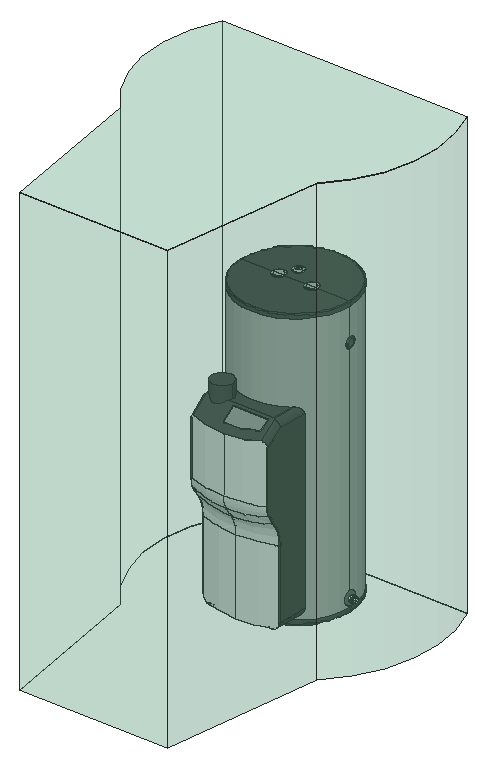
Revit family "Innovo  BENL_IR 32 380 BENL LP", category Mechanical Equipment, Revit 2015
Parameters (values of type "IR-32-380 BENL LP")
  Werkruimte Radius = Diameter + 170 mm  # 845 mm
  Werkruimte Hoogte = Hoogte + 1000 mm  # 2745 mm
  Werkruimte Afstand Voor = 1000 mm
  Werkruimte [instance] = yes
  Voorzorgsmaatregelen tijdens montage, installatie of onderhoud = "zie Gebruikers, Installatie, Service en Onderhouds handleiding"  # constant formula
  Voltage = 230 V  # constant formula
  Verpakkingslengte = 946 mm  # constant formula
  Verpakkingshoogte = 1895 mm
  Verpakkingsbreedte = 786 mm  # constant formula
  Uitsluitend werkend in daluren = no
  Uitschakeldruk LDS < = "210"
  Type aanduiding = "IR-32-380"
  Transportgewicht = 172 kg
  Totaal Gewicht = 552 kg
  Stilstandsverlies - dagelijks (24u) = 0 W
  Stilstandsverlies = 0 W
  Standaard Afgesteld op = "G20/G25"
  Stand Regelthermostaat = 65 °C  # constant formula
  Soort Verpakking = "Karton en Hout"  # constant formula
  Slimme controlefunctie = no
  Setpoint thermostaat = 65 °C  # constant formula
  Seizoens Rendement (Hs) = [Rendement (Hs, vlgs. NEN-EN 89 - 1999)]  # 97
  Rendement (Hs, vlgs. NEN-EN 89 - 1999) = 97
  Rendement (Hi, vlgs. NEN-EN 89 - 1999) = 108
  Produktspecificaties Link = ""
  Produkthandleiding Link = ""
  Produkt Model Nummer (EAN-nummer) = "8717449286378"
  Onderhoudsinterval = "12 maanden"  # constant formula
  Nominale Belasting (Onderwaarde) = "29000.0/24100.0"
  Nominale Belasting (Bovenwaarde) = "32200.0/26800.0"
  Nominaal Vermogen = "31300.0/26000.0"
  NOx-uitstoot mg/kWh = "37.0/27.0"
  NOx-uitstoot (lucht vrij, 0% O2) ppm = "24.0/17.0"
  Min. Stand Regelthermostaat = 40 °C  # constant formula
  Max. Werkdruk = 800000.0 Pa
  Max. Stand Regelthermostaat = 85 °C  # constant formula
  Max. Rookgastemperatuur = 65 °C
  Ledig Gewicht = 155 kg
  Kraan Hoogte 02 = if(and(Hoogte = 1745 mm, Diameter = 675 mm), 1518 mm, if(and(Hoogte = 1745 mm, Diameter = 610 mm), 1534 mm, if(Hoogte = 1545 mm, 1328 mm, 1070 mm)))  # 1518 mm
  Kraan Hoogte 01 = if(and(Diameter > 560 mm), 693 mm, 604 mm)  # 693 mm
  URL = "www.aosmith.be"
  Tapcapaciteit bij ΔT = 70°C  na 90 min. = 840.0 L
  Tapcapaciteit bij ΔT = 70°C  na 60 min. = 650.0 L
  Tapcapaciteit bij ΔT = 70°C  na 30 min. = 460.0 L
  Tapcapaciteit bij ΔT = 70°C  na 120 min. = 1100.0 L
  Tapcapaciteit bij ΔT = 55°C  na 90 min. = 1100.0 L
  Tapcapaciteit bij ΔT = 55°C  na 60 min. = 860.0 L
  Tapcapaciteit bij ΔT = 55°C  na 30 min. = 610.0 L
  Tapcapaciteit bij ΔT = 55°C  na 120 min. = 1400.0 L
  Tapcapaciteit bij ΔT = 50°C  na 90 min. = 1300.0 L
  Tapcapaciteit bij ΔT = 50°C  na 60 min. = 950.0 L
  Tapcapaciteit bij ΔT = 50°C  na 30 min. = 680.0 L
  Tapcapaciteit bij ΔT = 50°C na 120 min. = 1500.0 L
  Tapcapaciteit bij ΔT = 44°C na 120 min. = 1400.0 L
  Tapcapaciteit bij ΔT = 44°C  na 90 min. = 1100.0 L
  Tapcapaciteit bij ΔT = 44°C  na 60 min. = 790.0 L
  Tapcapaciteit bij ΔT = 44°C  na 30 min. = 1800.0 L
  Tapcapaciteit bij ΔT = 28°C na 90 min. = 2300.0 L
  Tapcapaciteit bij ΔT = 28°C na 60 min. = 1800.0 L
  Tapcapaciteit bij ΔT = 28°C na 30 min. = 1300.0 L
  Tapcapaciteit bij ΔT = 28°C na 120 min. = 2800.0 L
  Tapcapaciteit Continu bij ΔT = 70°C = 380.0 L/s
  Tapcapaciteit Continu bij ΔT = 55°C = 480.0 L/s
  Tapcapaciteit Continu bij ΔT = 50°C = 530.0 L/s
  Tapcapaciteit Continu bij ΔT = 44°C = 600.0 L/s
  Tapcapaciteit Continu bij ΔT = 28°C = 960.0 L/s
  Opwarmtijd bij ΔT = 70°C = "50"
  Opwarmtijd bij ΔT = 55°C = "39"
  Opwarmtijd bij ΔT = 50°C = "36"
  Opwarmtijd bij ΔT = 44°C = "31"
  Opwarmtijd bij ΔT = 28°C = "20"
  Model = "IR-32-380 BENL NAT"
  Manufacturer = "A.O. Smith Water Products Company b.v."  # constant formula
  Length = 780 mm  # constant formula
  Jaarlijks elektriciteitsverbruik (2) = "92 kWh"
  Jaarlijks elektriciteitsverbruik (1) = "45 kWh"
  Jaarlijks brandstofverbruik (2) = "40 GJ GCV"
  Jaarlijks brandstofverbruik (1) = "21 GJ GCV"
  Isolatiedikte = 44 mm
  Installatie Typen = "B23/C13/C33/C43/C53/C63"  # constant formula
  Inhoud = 380.0 L
  Hoogte Warm Water Uitlaat = 1745 mm
  Hoogte Rookgasafvoer = 1350 mm
  Hoogte Lucht Inlaat = 1350 mm
  Hoogte Koud Water Inlaat = 170 mm
  Hoogte Gas Aansluiting = 905 mm
  Hoogte = 1745 mm
  Handelsmerk = "A.O. Smith"  # constant formula
  Geluidsniveau dB (A) = "<45"  # constant formula
  Geluidsniveau binnen = "58 dB"
  Gasverbruik - Volume ltr/hr = "3.10/3.00"
  Gasverbruik - Massa kg/h = "n.v.t."
  Gascategorie = "I2E(S)B"  # constant formula
  Gas Voordruk = "2000/2500 Pa"
  Gas Aansluiting = 15"  # constant formula
  Garrantie op Tank = "36 maanden"  # constant formula
  Garrantie op Onderdelen = "12 maanden"  # constant formula
  Frequentie = 50 Hz  # constant formula
  Fase = 1
  Fabrikantnummer = "E 7110"  # constant formula
  Energie-efficiëntieklasse voor waterverwarming (2) = "-"
  Energie-efficiëntieklasse voor waterverwarming (1) = "A"  # constant formula
  Energie-efficiëntie voor waterverwarming (2) = "92%"
  Energie-efficiëntie voor waterverwarming (1) = "90%"
  Elektrisch Vermogen (piek) = 105 W
  Elektrisch Vermogen (nominaal) = 85 W
  Diameter Schoorsteen - parallel systeem = "2x80"  # constant formula
  Diameter Schoorsteen - concentrisch systeem = "80/125 mm/mm"  # constant formula
  Diameter Schoorsteen - boiler = "80/125 mm/mm"  # constant formula
  Diameter = 675 mm
  Description = "Condenserende Hoog Rendementsboiler"  # constant formula
  Created By = "http://www.cadcompany.nl/"
  Capaciteitsprofiel = "XXL"
  CO2-uitstoot (tol. +/- 1.0) vol% = "9.3/7.5"
  CE-PIN = "0063CQ3037"  # constant formula
  Breedte = Diameter  # 675 mm
  Bestemming / Land = "BelgIë"  # constant formula
  BIM Content Developer = "CAD & Company"  # constant formula
  Assembly Code = "D3010"
  Ander capaciteitsprofiel = "3XL"
  Aansluiting Warm Water = 1"
  Aansluiting T&P = 1"
  Aansluiting Koud Water = 3/4"  # constant formula
  Aansluiting Condensafvoer = 40 mm  # constant formula
  Aansluiting Aftapkraan = 3/4"  # constant formula
  2e Onderhoud (algeheel onderhoud) = "12 maanden na installatie"  # constant formula
  1e Onderhoud (check-up) = "3 maanden na installatie"  # constant formula
Reference planes
  plane 1 "Center (Front/Back)": y = 0
  plane 2: z = 0
  plane 3 "Center (Left/Right)": x = 0
  plane 4 "Pipe": through (-383.901, 912.349, 194.799) normal (-0.0879, -0.0879, 0.9923)
  plane 5 "footing": y = 118.925
  plane 6 "footing front": y = -237.85
  plane 7: x = -337.5
  plane 8: x = 337.5
  plane 9: z = 1745
Forms (mm)
  Revolve 1, solid, material "RAL 9005", detail levels medium+fine
    sketch origin (0, -237.85, 0) x (-1, 0, 0) y (0, 0, 1)
      loop
        line (0, 28.9) -> (-15, 28.9) -> (-15, 26.4) -> (-8.671, 26.4) -> (-8.671, 18) -> (-5.686, 18) -> (-6.626, 17.06) -> (-6.626, 12.06) -> (-8.671, 12.06) -> (-8.671, 10) -> (-10.031, 10) -> (-23.271, 5.181)
        arc (-23.271, 5.181) -> (-23.763, 4.836) -> (-24.017, 4.293) r 1.159
        line (-24.017, 4.293) -> (-24.017, 1.03)
        arc (-24.017, 1.03) -> (-23.715, 0.302) -> (-22.986, 0) r 1.03
        line (-22.986, 0) -> (0, 0) -> (0, 28.9)
      axis (0, 28.9) -> (0, 0)
    angle from 0 to 360
  Revolve 2, solid, material "RAL 9005", detail levels medium+fine
    sketch origin (0, 118.925, 0) x (-1, 0, 0) y (0, 0, 1)
      loop
        line (-238.484, 28.9) -> (-253.484, 28.9) -> (-253.484, 26.4) -> (-247.155, 26.4) -> (-247.155, 18) -> (-244.17, 18) -> (-245.11, 17.06) -> (-245.11, 12.06) -> (-247.155, 12.06) -> (-247.155, 10) -> (-248.515, 10) -> (-261.756, 5.181)
        arc (-261.756, 5.181) -> (-262.247, 4.836) -> (-262.501, 4.293) r 1.159
        line (-262.501, 4.293) -> (-262.501, 1.03)
        arc (-262.501, 1.03) -> (-262.199, 0.302) -> (-261.471, 0) r 1.03
        line (-261.471, 0) -> (-238.484, 0) -> (-238.484, 28.9)
      axis (-238.484, 28.9) -> (-238.484, 0)
    angle from 0 to 360
  Revolve 3, solid, material "RAL 9005", detail levels medium+fine
    sketch origin (0, 118.925, 0) x (-1, 0, 0) y (0, 0, 1)
      loop
        line (236.516, 28.9) -> (221.516, 28.9) -> (221.516, 26.4) -> (227.845, 26.4) -> (227.845, 18) -> (230.83, 18) -> (229.89, 17.06) -> (229.89, 12.06) -> (227.845, 12.06) -> (227.845, 10) -> (226.485, 10) -> (213.244, 5.181)
        arc (213.244, 5.181) -> (212.753, 4.836) -> (212.499, 4.293) r 1.159
        line (212.499, 4.293) -> (212.499, 1.03)
        arc (212.499, 1.03) -> (212.801, 0.302) -> (213.529, 0) r 1.03
        line (213.529, 0) -> (236.516, 0) -> (236.516, 28.9)
      axis (236.516, 28.9) -> (236.516, 0)
    angle from 0 to 360
Lines and regions (mm)
  symbolic lines
    curve 1: line (0, 280.06, 0) -> (0, -280.06, 0)
    curve 2: line (-312.56, 0, 0) -> (312.56, 0, 0)
  symbolic lines, style "Workspace"
    curve 3: line (754.705, 380.06, 0) -> (-754.705, 380.06, 0)
    curve 4: arc (-754.705, 380.06, 0) -> (-842.687, -62.476, 0) -> (-690.406, -487.2, 0) r 845
    curve 5: line (-690.406, -487.2, 0) -> (-454.283, -1552.825, 0)
    curve 6: line (-454.283, -1552.825, 0) -> (456.53, -1552.825, 0)
    curve 7: line (456.53, -1552.825, 0) -> (692.083, -484.816, 0)
    curve 8: arc (692.083, -484.816, 0) -> (842.794, -61.023, 0) -> (754.705, 380.06, 0) r 845
Dimensions and locks
  plane 5 "footing" to plane 1 "Center (Front/Back)" = 118.925 mm
  plane 1 "Center (Front/Back)" to plane 6 "footing front" = 237.85 mm
  "Diameter": plane 7 to plane 8
  equal spacing: plane 7, plane 3 "Center (Left/Right)", plane 8
  "Hoogte": plane 9 to plane 2
  "Werkruimte Afstand Voor": curve 6 to nested 3
  "Werkruimte Radius": radius of curve 4
  "Werkruimte Radius": radius of curve 8
  aligned and locked: level to plane 2
  aligned and locked: nested 3 to Revolve 1 sketch curve
  aligned and locked: plane 3 "Center (Left/Right)" to Revolve 1 sketch curve
  aligned and locked: nested 3 to plane 1 "Center (Front/Back)"
  aligned and locked: plane 3 "Center (Left/Right)" to nested 3
  aligned and locked: nested 1 to plane 8
  aligned and locked: nested 5 to plane 8
  aligned and locked: nested 2 to plane 7
  aligned and locked: nested 4 to plane 7
  aligned and locked: nested 7 to plane 7
  aligned and locked: nested 8 to plane 3 "Center (Left/Right)"
  aligned and locked: nested 8 to nested 3
  aligned and locked: curve 3 to nested 8
Automatic sketch dimensions
  Revolve 1 sketch curve to level = 0 mm
  plane 3 "Center (Left/Right)" to Revolve 1 sketch curve = 5.686 mm
  Revolve 1 sketch curve to Revolve 1 sketch curve = 0.94 mm  (x2)
  Revolve 1 sketch curve to Revolve 1 sketch curve = 2.046 mm  (x2)
  Revolve 1 sketch curve to Revolve 1 sketch curve = 1.359 mm
  Revolve 1 sketch curve to Revolve 1 sketch curve = 6.329 mm
  level to Revolve 1 sketch curve = 4.091 mm
  Revolve 1 sketch curve to Revolve 1 sketch curve = 12.844 mm
  level to Revolve 1 sketch curve = 1.03 mm
  Revolve 1 sketch curve to Revolve 1 sketch curve = 0.111 mm
  level to Revolve 1 sketch curve = 5.181 mm
  Revolve 1 sketch curve to Revolve 1 sketch curve = 0.745 mm
  level to Revolve 1 sketch curve = 10 mm
  Revolve 1 sketch curve to Revolve 1 sketch curve = 2.06 mm
  Revolve 1 sketch curve to Revolve 1 sketch curve = 5 mm
  Revolve 1 sketch curve to Revolve 1 sketch curve = 8.4 mm
  Revolve 1 sketch curve to Revolve 1 sketch curve = 2.5 mm
  Revolve 1 sketch curve to level = 19.635 mm
  Revolve 1 sketch curve to Revolve 1 sketch curve = 46.465 mm
  Revolve 2 sketch curve to level = 0 mm
  level to Revolve 2 sketch curve = 1.03 mm
  Revolve 2 sketch curve to plane 8 = 74.999 mm
  level to Revolve 2 sketch curve = 5.181 mm
  Revolve 2 sketch curve to Revolve 2 sketch curve = 0.745 mm
  Revolve 2 sketch curve to Revolve 2 sketch curve = 0.397 mm
  Revolve 2 sketch curve to Revolve 2 sketch curve = 8.271 mm
  Revolve 2 sketch curve to Revolve 2 sketch curve = 13.241 mm
  Revolve 2 sketch curve to Revolve 2 sketch curve = 1.359 mm
  Revolve 2 sketch curve to Revolve 2 sketch curve = 6.329 mm
  Revolve 2 sketch curve to Revolve 2 sketch curve = 2.046 mm
  level to Revolve 2 sketch curve = 18 mm
  Revolve 2 sketch curve to Revolve 2 sketch curve = 0.94 mm  (x2)
  Revolve 2 sketch curve to Revolve 2 sketch curve = 8.671 mm
  Revolve 2 sketch curve to Revolve 2 sketch curve = 1.089 mm
  Revolve 2 sketch curve to Revolve 2 sketch curve = 8 mm
  Revolve 2 sketch curve to Revolve 2 sketch curve = 2.06 mm
  Revolve 2 sketch curve to Revolve 2 sketch curve = 8.4 mm
  Revolve 2 sketch curve to Revolve 2 sketch curve = 2.5 mm
  Revolve 2 sketch curve to Revolve 2 sketch curve = 0 mm
  Revolve 2 sketch curve to level = 19.635 mm
  Revolve 2 sketch curve to Revolve 2 sketch curve = 46.465 mm
  Revolve 3 sketch curve to level = 0 mm
  level to Revolve 3 sketch curve = 1.03 mm
  Revolve 3 sketch curve to plane 7 = 125.001 mm
  level to Revolve 3 sketch curve = 5.181 mm
  Revolve 3 sketch curve to Revolve 3 sketch curve = 0.745 mm
  Revolve 3 sketch curve to Revolve 3 sketch curve = 0.397 mm
  Revolve 3 sketch curve to Revolve 3 sketch curve = 8.271 mm
  Revolve 3 sketch curve to Revolve 3 sketch curve = 13.241 mm
  Revolve 3 sketch curve to Revolve 3 sketch curve = 1.359 mm
  Revolve 3 sketch curve to Revolve 3 sketch curve = 6.329 mm
  Revolve 3 sketch curve to Revolve 3 sketch curve = 2.046 mm
  level to Revolve 3 sketch curve = 18 mm
  Revolve 3 sketch curve to Revolve 3 sketch curve = 0.94 mm  (x2)
  Revolve 3 sketch curve to Revolve 3 sketch curve = 8.671 mm
  Revolve 3 sketch curve to Revolve 3 sketch curve = 1.089 mm
  Revolve 3 sketch curve to Revolve 3 sketch curve = 8 mm
  Revolve 3 sketch curve to Revolve 3 sketch curve = 2.06 mm
  Revolve 3 sketch curve to Revolve 3 sketch curve = 8.4 mm
  Revolve 3 sketch curve to Revolve 3 sketch curve = 2.5 mm
  Revolve 3 sketch curve to Revolve 3 sketch curve = 0 mm
  Revolve 3 sketch curve to level = 19.635 mm
  Revolve 3 sketch curve to Revolve 3 sketch curve = 46.465 mm
  curve 4 to curve 8 = 0 mm  (x2)
  plane 1 "Center (Front/Back)" to curve 2 = 0 mm
  curve 1 to plane 3 "Center (Left/Right)" = 0 mm
  plane 1 "Center (Front/Back)" to curve 4 = 0 mm
  curve 4 to plane 3 "Center (Left/Right)" = 0 mm
  curve 5 to plane 6 "footing front" = 249.35 mm
  plane 7 to curve 5 = 116.783 mm
  plane 8 to curve 7 = 119.03 mm
  curve 7 to plane 6 "footing front" = 246.966 mm
  curve 2 to plane 7 = 24.94 mm
  curve 2 to plane 8 = 24.94 mm
  curve 1 to plane 6 "footing front" = 42.21 mm
  plane 5 "footing" to curve 1 = 161.135 mm
Nested families
  nested 1: "Valve" at (337.5, -0.38, 1518) x (0, 1, 0) z (0, 0, 1), built-in parameter 1001364 <- "Kraan Hoogte 02", type "Valve"
  nested 2: "Drain Valve" at (-337.5, 0, 1518), built-in parameter 1001364 <- "Kraan Hoogte 02", type "Drain Valve"
  nested 3: "Housing Mother Housing S 57 (external)" at (0, -334.886, 0), type "Housing Mother_Housing S_57"
    with radius 337.5 mm, distance to boiler center 189 mm, diameter 675 mm
  nested 4: "Drain Valve" at (-337.5, 0, 177), type "Drain Valve"
  nested 5: "Drain Valve" at (337.5, 0, 107) x (-1, 0, 0) z (0, 0, 1), type "Drain Valve"
  nested 6: "Boiler" at (0, 0, 0), height <- "Hoogte", type "Boiler"
    with height 1745 mm, radius 337.5 mm, Diameter 675 mm
  nested 7: "Drain Valve" at (-337.5, 0, 693), built-in parameter 1001364 <- "Kraan Hoogte 01", type "Drain Valve"
  nested 8: "Innovo_workspace" at (0, 0, 0), Workspace <- "Werkruimte", Workspace Distance Front <- "Werkruimte Afstand Voor", Workspace Height <- "Werkruimte Hoogte", Workspace Radius <- "Werkruimte Radius", type "Workspace"
    with Workspace Radius 845 mm, Workspace Height 2745 mm, Workspace Distance Front 1000 mm, Workspace yes, Center to Front 552.825 mm
Connectors
  piping at (372.326, 0, 107), diameter 19.05, driven by "Aansluiting Aftapkraan"
    settings: on nested 5, index 1, connector inside diameter 24", connector length 0 mm, flow factor 0, pipe flow 0.0 L/s, pressure drop 0.0 Pa, fitting loss kfactor 0, connector angle 0.00°, fixture units 0, engagement length 0 mm, angle of deflection 0.00°, flow configuration 0, flow direction 0, fitting loss method 0, system type 19, joint type 0, gender type 0, connector reference index -1, connector utility 0, adjustable connector no, is connector primary yes, connector description ""
  hvac at (-147.013, -381.326, 1310.674)
    settings: on nested 3, index 2, duct flow 0.0 L/s, flow factor 0, pres drop 0.0 Pa, loss coef 0, conn angle 0.00°, conn width 304.8 mm, conn height 304.8 mm, conn diameter 125 mm, duct sys type 4, conn prof type 0, flow config 0, flow direction 0, loss method 0, conn ref index -1, conn util no, is conn primary yes, conn desc ""
Definition of nested family "Valve"
  Parameters (values of type "Valve")
    Type Comments = "T&P valve (internal)"
    Manufacturer = "A.O. Smith"
  Reference planes
    plane 1 "Center (Front/Back)": y = 0
    plane 2: z = 0
    plane 3 "Center (Left/Right)": x = 0
  Forms (mm)
    Extrusion 1, solid, detail levels fine
      sketch origin (0, 0, 0) x (1, 0, 0) y (0, 0, 1)
        loop
          circle (0, 0) r 31.5
      from -2.271 to 1.4
    Sweep 2, solid, detail levels fine
      path origin (0, -1.4, 0) x (1, 0, 0) y (0, 0, 1)
        loop
          circle (0, 0) r 31.5
      profile origin (0, -1.4, 31.5) x (0, 0, -1) y (0, -1, 0)
        loop
          line (7.3, 0) -> (7.3, 3) -> (0, 0) -> (7.3, 0)
  Dimensions and locks
    aligned and locked: level to plane 2
Definition of nested family "Drain Valve"
  Reference planes
    plane 1 "Center (Front/Back)": y = 0
    plane 2: z = 0
    plane 3 "Center (Left/Right)": x = 0
  Forms (mm)
    Revolve 1, solid, detail levels medium+fine
      sketch origin (0, 0, 0) x (1, 0, 0) y (0, 0, 1)
        loop
          line (-33.442, 15.696) -> (-34.826, 14.329) -> (-34.93, 12.731) -> (-16.555, 12.731) -> (-16.555, 0) -> (15.787, 0) -> (15.787, 18.3) -> (-14.4, 18.3) -> (-17.148, 15.533) -> (-18.729, 16.697) -> (-20.091, 15.333) -> (-21.672, 16.496) -> (-23.034, 15.133) -> (-24.614, 16.296) -> (-25.976, 14.932) -> (-27.557, 16.096) -> (-28.919, 14.732) -> (-30.5, 15.896) -> (-31.862, 14.532) -> (-33.442, 15.696)
        axis (-34.93, 0) -> (15.787, 0)
      angle from 0 to 360
  Dimensions and locks
    aligned and locked: level to plane 2
  Nested families
    nested 1: "Rubber sealing" at (2.592, -0.155, 0) x (0.0023, -1, 0) z (0, 0, 1), type "Rubber sealing", detail levels fine
  Definition of nested family "Rubber sealing"
    Reference planes
      plane 1 "Center (Front/Back)": y = 0
      plane 2: z = 0
      plane 3 "Center (Left/Right)": x = 0
    Forms (mm)
      Extrusion 1, solid, detail levels fine
        sketch origin (141.861, 319.581, 0) x (1, 0, 0) y (0, 1, 0)
          loop
            line (-216.354, -311.898) -> (-216.354, -313.94)
            arc (-216.354, -313.94) -> (-141.602, -321.581) -> (-66.861, -313.835) r 366.966
            line (-66.861, -313.835) -> (-66.861, -311.791)
            arc (-66.861, -311.791) -> (-141.602, -319.581) -> (-216.354, -311.898) r 364.966
        from -80 to 80
      Extrusion 2, void
        sketch origin (141.861, 319.581, 0) x (1, 0, 0) y (0, 0, 1)
          loop
            circle (-141.861, 0) r 13
          loop
            circle (-141.861, 0) r 110
          loop
            circle (-141.861, 0) r 40
        from 311.563 to 332.684
      Extrusion 3, void
        sketch origin (141.861, 319.581, 0) x (1, 0, 0) y (0, 0, 1)
          loop
            circle (-141.861, 0) r 18.25
        from 315.524 to 326.084
    Cuts and joins
      Extrusion 2, Extrusion 3 cuts Extrusion 1
    Dimensions and locks
      aligned and locked: level to plane 2
Definition of nested family "Housing Mother Housing S 57 (external)"
  Parameters (values of type "Housing Mother_Housing S_57")
    radius [instance] = 280 mm
    distance to boiler center = if(diameter = 675 mm, 189 mm, if(diameter = 610 mm, 154 mm, 129 mm))  # 129 mm
    diameter = 560 mm
  Reference planes
    plane 1 "Center (Front/Back)": y = 0
    plane 2: z = 0
    plane 3 "Center (Left/Right)": x = 0
    plane 4 "left": through (-245.286, 145.886, 1200) normal (0.9994, 0.0349, 0)
    plane 5: y = -217.939
    plane 6: y = 145.886
    plane 7: z = 1232.6
    plane 8: z = 65.89
    plane 9 "right": through (245.286, 145.886, 1200) normal (0.9994, -0.0349, 0)
    plane 10 "display": through (0, -90.37, 1221.196) normal (0, -0.5736, 0.8192)
    plane 11 "Potentiostat": z = 867.899
    plane 12 "boiler center": y = 274.886
    plane 13: x = -280
    plane 14: x = 280
  Forms (mm)
    Extrusion 1, solid
      sketch origin (0, 0, 0) x (1, 0, 0) y (0, 1, 0)
        loop
          line (-245.286, 145.886) -> (-232.581, -217.939) -> (232.581, -217.939) -> (245.286, 145.886)
          arc (245.286, 145.886) -> (0, 0.923) -> (-245.286, 145.886) r 280
      from 0 to 1232.6
    Sweep 2, void
      path origin (0, 0, 0) x (0, 1, 0) y (0, 0, 1)
        loop
          line (-217.939, 1232.6) -> (-217.939, 795.555)
          arc (-217.939, 795.555) -> (-212.387, 754.285) -> (-197.694, 715.322) r 183.924
          arc (-197.694, 715.322) -> (-179.915, 684.628) -> (-159.106, 655.901) r 348.284
          arc (-159.106, 655.901) -> (-131.411, 600.328) -> (-121.88, 538.973) r 202.254
          line (-121.88, 538.973) -> (-121.88, 61.106)
      profile origin (0, -217.939, 1014.077) x (1, 0, 0) y (0, 1, 0)
        loop
          arc (0, 0) -> (-117.533, 9.941) -> (-231.728, 39.475) r 699.984
          arc (-231.728, 39.475) -> (-233.391, 40.705) -> (-234.07, 42.659) r 3.505
          line (-234.07, 42.659) -> (-254.062, 42.659) -> (-254.062, -142.593) -> (254.07, -142.593) -> (254.07, 42.659) -> (234.07, 42.659)
          arc (234.07, 42.659) -> (233.391, 40.705) -> (231.728, 39.475) r 3.505
          arc (231.728, 39.475) -> (117.533, 9.941) -> (0, 0) r 699.984
    Extrusion 3, void
      sketch origin (0, 0, 0) x (0, 1, 0) y (0, 0, 1)
        loop
          arc (102.864, 70.869) -> (99.804, 70.709) -> (96.874, 69.813) r 12.57
          arc (96.874, 69.813) -> (87.878, 66.533) -> (78.516, 64.529) r 69.114
          arc (78.516, 64.529) -> (76.41, 64.284) -> (74.294, 64.148) r 41.206
          arc (74.294, 64.148) -> (65.203, 64.335) -> (56.122, 64.782) r 318.661
          arc (56.122, 64.782) -> (30.585, 66.179) -> (5.028, 67.128) r 1456.581
          line (5.028, 67.128) -> (-84.534, 73.135)
          arc (-84.534, 73.135) -> (-86.363, 73.808) -> (-87.536, 75.365) r 3.455
          line (-87.536, 75.365) -> (-264.473, 75.365) -> (-264.473, 0) -> (160.886, 0) -> (160.886, 103.945) -> (145.886, 103.945)
          arc (145.886, 103.945) -> (145.104, 97.827) -> (142.923, 92.059) r 26.364
          arc (142.923, 92.059) -> (141.067, 88.936) -> (138.867, 86.045) r 31.715
          arc (138.867, 86.045) -> (135.576, 82.49) -> (132.021, 79.2) r 62.615
          arc (132.021, 79.2) -> (125.841, 74.697) -> (119.091, 71.103) r 54.444
          arc (119.091, 71.103) -> (116.371, 70.272) -> (113.531, 70.123) r 11.669
          line (113.531, 70.123) -> (102.864, 70.869)
      from -254.062 to 254.07
    Sweep 4, void
      path origin (0, 0, 0) x (1, 0, 0) y (0, 1, 0)
        loop
          line (-245.286, 145.886) -> (-232.581, -217.939)
      profile origin (-238.933, -36.027, 0) x (0.999391, 0.034899, 0) y (0, 0, 1)
        loop
          line (-4.454, 0) -> (47.084, 0) -> (47.084, 73.431)
          arc (47.084, 73.431) -> (14.222, 85.134) -> (0.255, 117.1) r 43.922
          line (0.255, 117.1) -> (-4.454, 117.1) -> (-4.454, 0)
    Sweep 5, void
      path origin (0, 0, 0) x (-1, 0, 0) y (0, 1, 0)
        loop
          line (-245.286, 145.886) -> (-232.581, -217.939)
      profile origin (238.933, -36.027, 0) x (0.999391, -0.034899, 0) y (0, 0, 1)
        loop
          line (4.454, 0) -> (4.454, 117.1) -> (-0.255, 117.1)
          arc (-0.255, 117.1) -> (-14.222, 85.134) -> (-47.084, 73.431) r 43.922
          line (-47.084, 73.431) -> (-47.084, 0) -> (4.454, 0)
    Sweep 6, void
      path origin (-239.899, -8.377, 0) x (-0.034899, 0.999391, 0) y (0, 0, 1)
        loop
          line (-209.69, 1141.272) -> (-79.18, 1232.6) -> (154.358, 1232.6)
      profile origin (-241.211, 29.188, 1232.6) x (0, 0, 1) y (0.999391, 0.034899, 0)
        loop
          line (-45, -30) -> (75, -30) -> (75, 0) -> (75, 55) -> (2.799, 55) -> (-1.253, 35.128)
          arc (-1.253, 35.128) -> (-16.771, 9.564) -> (-45, -0.308) r 44.287
          line (-45, -0.308) -> (-45, -30)
    Sweep 7, void
      path origin (239.899, -8.377, 0) x (0.034899, 0.999391, 0) y (0, 0, 1)
        loop
          line (-209.69, 1141.272) -> (-79.18, 1232.6) -> (154.358, 1232.6)
      profile origin (241.211, 29.188, 1232.6) x (0, 0, -1) y (-0.999391, 0.034899, 0)
        loop
          line (-75, -25) -> (45, -25) -> (45, -0.308)
          arc (45, -0.308) -> (16.771, 9.564) -> (1.253, 35.128) r 44.287
          line (1.253, 35.128) -> (-2.799, 55) -> (-75, 55) -> (-75, -25)
    Extrusion 8, void
      sketch origin (0, 0, 0) x (0, 1, 0) y (0, 0, 1)
        loop
          line (-270, 1336.099) -> (-270, 1099.081) -> (68.497, 1336.099) -> (-270, 1336.099)
      from -425.038 to 444.42
    Extrusion 9, solid, detail levels medium+fine
      sketch origin (0, 0, 0) x (1, 0, 0) y (0, 1, 0)
        loop
          circle (-147.013, -46.44) r 65
      from 1163.174 to 1310.674
    Extrusion 10, void
      sketch origin (0, -603.506, 861.895) x (0, 0.819152, 0.573576) y (-1, 0, 0)
        loop
          arc (618.322, -173) -> (623.272, -170.95) -> (625.322, -166) r 7
          line (625.322, -166) -> (625.322, 35)
          arc (625.322, 35) -> (623.272, 39.95) -> (618.322, 42) r 7
          line (618.322, 42) -> (535.473, 42)
          arc (535.473, 42) -> (530.688, 40.11) -> (528.488, 35.46) r 7
          arc (528.488, 35.46) -> (531.569, -67.592) -> (554.18, -168.18) r 540
          arc (554.18, -168.18) -> (556.724, -171.668) -> (560.831, -173) r 7
          line (560.831, -173) -> (618.322, -173)
      from 0 to 137.286
    Sweep 11, solid, detail levels fine
      path origin (0, 0, 867.899) x (-1, 0, 0) y (0, -1, 0)
        loop
          line (309.749, -35.617) -> (204.371, -35.617)
          arc (204.371, -35.617) -> (196.509, -34.687) -> (189.082, -31.947) r 33.677
          line (189.082, -31.947) -> (-9.574, 69.274)
      profile origin (-257.06, 35.617, 867.899) x (0, 1, 0) y (0, 0, 1)
        loop
          circle (0, 0) r 7.316
        loop
          circle (0, 0) r 6.465
    Revolve 12, void
      sketch origin (0, 274.886, 0) x (-1, 0, 0) y (0, 0, 1)
        loop
          line (280, 1243.838) -> (0, 1243.838) -> (0, 54.9) -> (280, 54.9) -> (280, 1243.838)
        axis (0, 1243.838) -> (0, 54.9)
      angle from 0 to 360
  Cuts and joins
    Sweep 2, Extrusion 3, Sweep 4, Sweep 5, Sweep 6, Sweep 7, Extrusion 8, Extrusion 10, Revolve 12 cuts Extrusion 1
  Dimensions and locks
    plane 8 to plane 2 = 65.89 mm
    plane 7 to plane 8 = 1166.71 mm
    "distance to boiler center": plane 12 "boiler center" to plane 6
    "diameter": plane 14 to plane 13
    equal spacing: plane 14, plane 3 "Center (Left/Right)", plane 13
    "radius": plane 3 "Center (Left/Right)" to plane 13
    aligned and locked: level to plane 2
    aligned and locked: Extrusion 1 to plane 7
    aligned and locked: Extrusion 1 sketch curve to plane 5
    aligned and locked: Sweep 2 to Extrusion 3
    aligned and locked: Extrusion 3 to Sweep 2  (x2)
    aligned and locked: plane 7 to Sweep 2 sketch curve
    aligned and locked: plane 3 "Center (Left/Right)" to Revolve 12 sketch curve
    aligned and locked: Revolve 12 sketch curve to plane 3 "Center (Left/Right)"
    aligned and locked: plane 13 to Revolve 12 sketch curve
  Automatic sketch dimensions
    Extrusion 1 sketch curve to plane 4 "left" = 0 mm  (x2)
    Extrusion 1 sketch curve to plane 6 = 0 mm  (x2)
    Extrusion 1 sketch curve to plane 3 "Center (Left/Right)" = 0 mm
    Extrusion 1 sketch curve to plane 9 "right" = 0 mm
    plane 6 to Extrusion 1 sketch curve = 135.037 mm
    Sweep 2 sketch curve to plane 5 = 0 mm
    plane 5 to Sweep 2 sketch curve = 106.195 mm
    Sweep 2 sketch curve to plane 5 = 96.059 mm
    plane 1 "Center (Front/Back)" to Sweep 2 sketch curve = 34.053 mm
    plane 11 "Potentiostat" to Sweep 2 sketch curve = 6.417 mm
    Sweep 2 sketch curve to plane 6 = 33.705 mm
    Sweep 2 sketch curve to plane 11 "Potentiostat" = 68.615 mm
    Sweep 2 sketch curve to plane 11 "Potentiostat" = 72.345 mm
    Sweep 2 sketch curve to Sweep 2 sketch curve = 176.349 mm
    Sweep 2 sketch curve to Sweep 2 sketch curve = 0 mm  (x2)
    plane 8 to Sweep 2 sketch curve = 4.784 mm
    Extrusion 3 sketch curve to level = 0 mm
    Extrusion 3 sketch curve to plane 6 = 0 mm
    Extrusion 3 sketch curve to plane 6 = 26.363 mm
    Extrusion 3 sketch curve to Extrusion 3 sketch curve = 4.75 mm
    Extrusion 3 sketch curve to Extrusion 3 sketch curve = 5.179 mm
    Extrusion 3 sketch curve to plane 8 = 4.232 mm
    Extrusion 3 sketch curve to Extrusion 3 sketch curve = 0.814 mm
    Extrusion 3 sketch curve to plane 8 = 4.978 mm
    Extrusion 3 sketch curve to Extrusion 3 sketch curve = 10.667 mm
    Extrusion 3 sketch curve to Extrusion 3 sketch curve = 0.877 mm
    Extrusion 3 sketch curve to Extrusion 3 sketch curve = 17.827 mm
    Extrusion 3 sketch curve to Extrusion 3 sketch curve = 5.646 mm
    Extrusion 3 sketch curve to plane 6 = 69.562 mm
    Extrusion 3 sketch curve to Extrusion 3 sketch curve = 18.6 mm
    Extrusion 3 sketch curve to Extrusion 3 sketch curve = 22.538 mm
    Extrusion 3 sketch curve to plane 8 = 1.238 mm
    Extrusion 3 sketch curve to plane 1 "Center (Front/Back)" = 5.028 mm
    plane 1 "Center (Front/Back)" to Extrusion 3 sketch curve = 36.224 mm
    Extrusion 3 sketch curve to plane 8 = 10.692 mm
    plane 1 "Center (Front/Back)" to Extrusion 3 sketch curve = 84.302 mm
    Extrusion 3 sketch curve to plane 8 = 7.244 mm
    Extrusion 3 sketch curve to Extrusion 3 sketch curve = 0.231 mm
    Extrusion 3 sketch curve to Extrusion 3 sketch curve = 3.234 mm
    plane 5 to Extrusion 3 sketch curve = 46.534 mm
    plane 6 to Extrusion 3 sketch curve = 15 mm
    Extrusion 3 sketch curve to level = 1388.869 mm
    plane 8 to Extrusion 3 sketch curve = 7.561 mm
    Extrusion 3 sketch curve to Extrusion 3 sketch curve = 11.64 mm
    Extrusion 3 sketch curve to plane 8 = 38.054 mm
    Extrusion 3 sketch curve to Extrusion 3 sketch curve = 22.442 mm
    Extrusion 3 sketch curve to plane 8 = 39.432 mm
    Extrusion 3 sketch curve to Extrusion 3 sketch curve = 2.466 mm
    Extrusion 3 sketch curve to Extrusion 3 sketch curve = 14.17 mm
    Extrusion 3 sketch curve to Extrusion 3 sketch curve = 5.925 mm
    Extrusion 3 sketch curve to Extrusion 3 sketch curve = 6.186 mm
    Extrusion 3 sketch curve to Extrusion 3 sketch curve = 249.85 mm
    Extrusion 3 sketch curve to Extrusion 3 sketch curve = 0 mm  (x4)
    Extrusion 3 sketch curve to Extrusion 3 sketch curve = 6.845 mm
    plane 8 to Extrusion 3 sketch curve = 1.743 mm
    Sweep 4 sketch curve to plane 4 "left" = 0 mm  (x2)
    Sweep 4 sketch curve to plane 6 = 0 mm
    plane 5 to Sweep 4 sketch curve = 0 mm
    Sweep 4 sketch curve to level = 0 mm
    profile plane to Sweep 4 sketch curve = 4.454 mm
    Sweep 4 sketch curve to profile plane = 0.255 mm
    Sweep 4 sketch curve to Sweep 4 sketch curve = 43.922 mm
    Sweep 4 sketch curve to profile plane = 47.084 mm
    level to Sweep 4 sketch curve = 73.431 mm
    Sweep 4 sketch curve to Sweep 4 sketch curve = 43.669 mm
    Sweep 5 sketch curve to plane 6 = 0 mm
    Sweep 5 sketch curve to plane 9 "right" = 0 mm  (x2)
    plane 5 to Sweep 5 sketch curve = 0 mm
    Sweep 5 sketch curve to level = 0 mm
    profile plane to Sweep 5 sketch curve = 47.084 mm
    Sweep 5 sketch curve to Sweep 5 sketch curve = 2.907 mm
    profile plane to Sweep 5 sketch curve = 0.255 mm
    Sweep 5 sketch curve to profile plane = 4.454 mm
    level to Sweep 5 sketch curve = 73.431 mm
    Sweep 5 sketch curve to Sweep 5 sketch curve = 43.669 mm
    Sweep 6 sketch curve to plane 7 = 0 mm
    plane 7 to Sweep 6 sketch curve = 91.328 mm
    Sweep 6 sketch curve to Sweep 6 sketch curve = 130.509 mm
    Sweep 6 sketch curve to Sweep 6 sketch curve = 233.538 mm
    Sweep 6 sketch curve to plane 4 "left" = 0 mm
    profile plane to Sweep 6 sketch curve = 45 mm
    Sweep 6 sketch curve to Sweep 6 sketch curve = 0.354 mm
    profile plane to Sweep 6 sketch curve = 1.253 mm
    Sweep 6 sketch curve to profile plane = 2.799 mm
    Sweep 6 sketch curve to Sweep 6 sketch curve = 72.201 mm
    Sweep 6 sketch curve to plane 4 "left" = 0.308 mm
    Sweep 6 sketch curve to Sweep 6 sketch curve = 29.692 mm
    plane 4 "left" to Sweep 6 sketch curve = 35.128 mm
    plane 4 "left" to Sweep 6 sketch curve = 55 mm
    Sweep 7 sketch curve to plane 7 = 0 mm
    Sweep 7 sketch curve to plane 7 = 91.328 mm
    Sweep 7 sketch curve to Sweep 7 sketch curve = 130.509 mm
    Sweep 7 sketch curve to Sweep 7 sketch curve = 233.538 mm
    Sweep 7 sketch curve to plane 9 "right" = 25 mm
    profile plane to Sweep 7 sketch curve = 75 mm
    profile plane to Sweep 7 sketch curve = 2.799 mm
    Sweep 7 sketch curve to profile plane = 1.253 mm
    Sweep 7 sketch curve to Sweep 7 sketch curve = 43.393 mm
    Sweep 7 sketch curve to profile plane = 45 mm
    Sweep 7 sketch curve to plane 9 "right" = 0.308 mm
    plane 9 "right" to Sweep 7 sketch curve = 35.128 mm
    Sweep 7 sketch curve to Sweep 7 sketch curve = 19.872 mm
    plane 5 to Extrusion 8 sketch curve = 52.061 mm
    Extrusion 8 sketch curve to plane 1 "Center (Front/Back)" = 68.497 mm
    plane 7 to Extrusion 8 sketch curve = 133.519 mm
    Extrusion 8 sketch curve to plane 7 = 103.499 mm
    plane 1 "Center (Front/Back)" to Extrusion 9 sketch curve = 46.44 mm
    Extrusion 9 sketch curve to plane 3 "Center (Left/Right)" = 147.013 mm
    Extrusion 10 sketch curve to plane 3 "Center (Left/Right)" = 0 mm
    Extrusion 10 sketch curve to plane 3 "Center (Left/Right)" = 35 mm
    Extrusion 10 sketch curve to Extrusion 10 sketch curve = 25.359 mm
    Extrusion 10 sketch curve to Extrusion 10 sketch curve = 57.491 mm
    Extrusion 10 sketch curve to plane 3 "Center (Left/Right)" = 42 mm
    Extrusion 10 sketch curve to Extrusion 10 sketch curve = 82.85 mm
    Extrusion 10 sketch curve to Extrusion 10 sketch curve = 7 mm
    Extrusion 10 sketch curve to Extrusion 10 sketch curve = 442 mm
    plane 3 "Center (Left/Right)" to Extrusion 10 sketch curve = 166 mm
    Extrusion 10 sketch curve to Extrusion 10 sketch curve = 0 mm  (x2)
    Sweep 11 sketch curve to plane 1 "Center (Front/Back)" = 31.947 mm
    Sweep 11 sketch curve to plane 3 "Center (Left/Right)" = 189.082 mm
    Sweep 11 sketch curve to plane 1 "Center (Front/Back)" = 1.94 mm
    Sweep 11 sketch curve to Sweep 11 sketch curve = 15.289 mm
    plane 3 "Center (Left/Right)" to Sweep 11 sketch curve = 9.574 mm
    Sweep 11 sketch curve to Sweep 11 sketch curve = 105.378 mm
    plane 1 "Center (Front/Back)" to Sweep 11 sketch curve = 69.274 mm
    Sweep 11 sketch curve to Sweep 11 sketch curve = 0 mm  (x2)
    Sweep 11 sketch curve to plane 11 "Potentiostat" = 0 mm
    Sweep 11 sketch curve to profile plane = 0 mm
    plane 8 to Revolve 12 sketch curve = 10.99 mm
    Revolve 12 sketch curve to plane 7 = 11.238 mm
    Revolve 12 sketch curve to level = 366.045 mm
    Revolve 12 sketch curve to Revolve 12 sketch curve = 971.917 mm
    Sweep 2 sketch curve to plane 3 "Center (Left/Right)" = 0 mm
    profile plane to Sweep 2 sketch curve = 0 mm
    Sweep 2 sketch curve to plane 3 "Center (Left/Right)" = 0.016 mm
    Sweep 2 sketch curve to profile plane = 42.782 mm  (x2)
    Sweep 2 sketch curve to plane 3 "Center (Left/Right)" = 230.568 mm
    plane 3 "Center (Left/Right)" to Sweep 2 sketch curve = 0.016 mm
    plane 3 "Center (Left/Right)" to Sweep 2 sketch curve = 230.568 mm
    Sweep 2 sketch curve to Sweep 2 sketch curve = 3.502 mm  (x2)
    Sweep 2 sketch curve to Sweep 2 sketch curve = 20 mm
    profile plane to Sweep 2 sketch curve = 142.593 mm
    Sweep 2 sketch curve to Sweep 2 sketch curve = 0.122 mm  (x2)
    Sweep 2 sketch curve to Sweep 2 sketch curve = 657.203 mm
    Sweep 2 sketch curve to Sweep 2 sketch curve = 19.991 mm
    radius of Extrusion 9 sketch curve = 65 mm
    radius of Sweep 11 sketch curve = 7.316 mm
    radius of Sweep 11 sketch curve = 6.465 mm
  Nested families
    nested 1: "display" at (65.5, -130.939, 1192.79) x (-1, 0, 0) z (0, -0.5736, 0.8192), type "display"
  Definition of nested family "display"
    Parameters (values of type "display")
      Default Elevation = 1219.2 mm
    Reference planes
      plane 1 "Center (Front/Back)": y = 0
      plane 2: z = 0
      plane 3 "Center (Left/Right)": x = 0
    Forms (mm)
      Extrusion 1, solid, detail levels medium+fine
        sketch origin (-16.958, 11.842, -343.878) x (1, 0, 0) y (0, 0, -1)
          loop
            line (-233.523, -343.878) -> (-233.523, -346.592) -> (332.686, -346.592) -> (332.686, -343.878) -> (-233.523, -343.878)
        from -228.7 to 150.822
      Extrusion 2, void
        sketch origin (-16.958, 6.842, -343.878) x (1, 0, 0) y (0, 1, 0)
          loop
            line (-233.523, 155.822) -> (-233.523, -223.7) -> (332.686, -223.7) -> (332.686, 155.822) -> (-233.523, 155.822)
          loop
            arc (-90.542, -48.267) -> (-88.492, -53.216) -> (-83.542, -55.267) r 7
            line (-83.542, -55.267) -> (117.458, -55.267)
            arc (117.458, -55.267) -> (122.408, -53.216) -> (124.458, -48.267) r 7
            line (124.458, -48.267) -> (124.458, 34.583)
            arc (124.458, 34.583) -> (122.568, 39.368) -> (117.918, 41.568) r 7
            arc (117.918, 41.568) -> (14.866, 38.487) -> (-85.722, 15.876) r 540
            arc (-85.722, 15.876) -> (-89.21, 13.332) -> (-90.542, 9.224) r 7
            line (-90.542, 9.224) -> (-90.542, -48.267)
        from 328.878 to 363.083
    Cuts and joins
      Extrusion 2 cuts Extrusion 1
    Dimensions and locks
      aligned and locked: level to plane 2
Definition of nested family "Boiler"
  Parameters (values of type "Boiler")
    radius [instance] = 280 mm
    height [instance] = 1270 mm
    Diameter = 560 mm
  Reference planes
    plane 1 "Center (Front/Back)": y = 0
    plane 2: z = 0
    plane 3 "Center (Left/Right)": x = 0
    plane 4: z = 1243.838
    plane 5: z = 1270
    plane 6 "bottom": z = 28.9
    plane 7: z = 54.9
    plane 8 "top controle": y = 88
    plane 9: x = -280
    plane 10: x = 280
  Forms (mm)
    Revolve 1, solid
      sketch origin (0, 0, 0) x (1, 0, 0) y (0, 0, 1)
        loop
          line (0, 54.9) -> (-280, 54.9) -> (-280, 32.9)
          arc (-280, 32.9) -> (-278.828, 30.072) -> (-276, 28.9) r 4
          line (-276, 28.9) -> (0, 28.9) -> (0, 54.9)
        axis (0, 28.9) -> (0, 54.9)
      angle from 0 to 360
    Revolve 2, solid
      sketch origin (1.311, 0, 0) x (1, 0, 0) y (0, 0, 1)
        loop
          line (-278.86, 1243.838) -> (-278.86, 54.9) -> (-1.311, 54.9) -> (-1.311, 1243.838) -> (-278.86, 1243.838)
        axis (-1.311, 1243.838) -> (-1.311, 54.9)
      angle from 0 to 360
    Revolve 3, solid
      sketch origin (-9.205, 0, 377.212) x (-1, 0, 0) y (0, 0, 1)
        loop
          line (-148.904, 892.788) -> (-110.805, 892.788) -> (-110.805, 895.963) -> (-141.883, 895.963) -> (-148.904, 893.62) -> (-148.904, 892.788)
        axis (-110.805, 892.788) -> (-110.805, 895.963)
      angle from 0 to 360
    Revolve 4, solid
      sketch origin (0, 0, 718.065) x (1, 0, 0) y (0, 0, -1)
        loop
          line (0, -525.773) -> (-280, -525.773) -> (-280, -547.935)
          arc (-280, -547.935) -> (-278.828, -550.763) -> (-276, -551.935) r 4
          line (-276, -551.935) -> (0, -551.935) -> (0, -525.773)
        axis (0, -551.935) -> (0, -525.773)
      angle from 0 to 360
    Revolve 5, solid
      sketch origin (0, 88, 0) x (1, 0, 0) y (0, 0, 1)
        loop
          line (-19.051, 1270) -> (-19.051, 1271.074) -> (-32.63, 1275.604) -> (-32.63, 1271.117) -> (-37.266, 1271.117) -> (-38.383, 1270) -> (-19.051, 1270)
        axis (-50.8, 1270) -> (-50.8, 1275.604)
      angle from 0 to 360
    Revolve 6, solid
      sketch origin (-217.12, 0, 372.245) x (-1, 0, 0) y (0, 0, 1)
        loop
          line (-153.622, 897.755) -> (-115.52, 897.755) -> (-115.52, 900.93) -> (-146.626, 900.93) -> (-153.622, 898.596) -> (-153.622, 897.755)
        axis (-115.52, 897.755) -> (-115.52, 900.93)
      angle from 0 to 360
  Dimensions and locks
    "height": plane 5 to plane 2
    plane 6 "bottom" to plane 2 = 28.9 mm
    locked: plane 5 to plane 4 at 26.162
    locked: plane 1 "Center (Front/Back)" to plane 8 "top controle" at 88
    "Diameter": plane 10 to plane 9
    equal spacing: plane 10, plane 3 "Center (Left/Right)", plane 9
    "radius": plane 3 "Center (Left/Right)" to plane 9
    locked: plane 9 to Revolve 2 sketch curve at 2.452
    aligned and locked: level to plane 2
    aligned and locked: Revolve 2 sketch curve to plane 7
    aligned and locked: Revolve 2 sketch curve to plane 4
    aligned and locked: Revolve 1 sketch curve to plane 7
    aligned and locked: plane 6 "bottom" to Revolve 1 sketch curve
    aligned and locked: Revolve 4 sketch curve to plane 3 "Center (Left/Right)"
    aligned and locked: plane 5 to Revolve 4 sketch curve
    aligned and locked: Revolve 4 sketch curve to plane 4
    aligned and locked: plane 9 to Revolve 4 sketch curve
    aligned and locked: Revolve 1 sketch curve to plane 9
    aligned and locked: Revolve 2 sketch curve to plane 3 "Center (Left/Right)"
    aligned and locked: plane 3 "Center (Left/Right)" to Revolve 2 sketch curve
  Automatic sketch dimensions
    Revolve 1 sketch curve to plane 3 "Center (Left/Right)" = 0 mm  (x2)
    Revolve 1 sketch curve to Revolve 1 sketch curve = 4 mm
    Revolve 1 sketch curve to level = 40 mm
    Revolve 1 sketch curve to Revolve 1 sketch curve = 305.1 mm
    Revolve 2 sketch curve to level = 366.045 mm
    Revolve 2 sketch curve to plane 5 = 945.755 mm
    Revolve 3 sketch curve to plane 5 = 0 mm
    Revolve 3 sketch curve to plane 3 "Center (Left/Right)" = 139.699 mm
    plane 5 to Revolve 3 sketch curve = 3.175 mm
    Revolve 3 sketch curve to Revolve 3 sketch curve = 7.022 mm
    Revolve 3 sketch curve to Revolve 3 sketch curve = 31.078 mm
    Revolve 3 sketch curve to Revolve 3 sketch curve = 0.832 mm
    Revolve 3 sketch curve to Revolve 3 sketch curve = 0 mm
    Revolve 3 sketch curve to Revolve 3 sketch curve = 2.338 mm
    Revolve 3 sketch curve to Revolve 3 sketch curve = 4.487 mm
    Revolve 4 sketch curve to plane 3 "Center (Left/Right)" = 0 mm
    Revolve 4 sketch curve to Revolve 4 sketch curve = 4 mm
    Revolve 4 sketch curve to Revolve 4 sketch curve = 68.738 mm
    Revolve 4 sketch curve to Revolve 4 sketch curve = 305.1 mm
    Revolve 6 sketch curve to plane 5 = 0 mm
    plane 3 "Center (Left/Right)" to Revolve 6 sketch curve = 63.497 mm
    plane 5 to Revolve 6 sketch curve = 3.175 mm
    Revolve 6 sketch curve to Revolve 6 sketch curve = 6.997 mm
    Revolve 6 sketch curve to Revolve 6 sketch curve = 31.106 mm
    Revolve 6 sketch curve to Revolve 6 sketch curve = 0.84 mm
    Revolve 6 sketch curve to Revolve 6 sketch curve = 0 mm
    Revolve 6 sketch curve to Revolve 6 sketch curve = 7.216 mm
    Revolve 6 sketch curve to Revolve 6 sketch curve = 0.391 mm
    Revolve 5 sketch curve to Revolve 5 sketch curve = 13.578 mm
    Revolve 5 sketch curve to Revolve 5 sketch curve = 1.074 mm
    Revolve 5 sketch curve to Revolve 5 sketch curve = 12.417 mm
    Revolve 5 sketch curve to Revolve 5 sketch curve = 5.753 mm
    Revolve 5 sketch curve to plane 5 = 1.117 mm
    Revolve 5 sketch curve to Revolve 5 sketch curve = 1.117 mm
    plane 5 to Revolve 5 sketch curve = 4.396 mm
    Revolve 5 sketch curve to plane 5 = 0 mm
    Revolve 5 sketch curve to Revolve 5 sketch curve = 4.487 mm
    Revolve 5 sketch curve to plane 3 "Center (Left/Right)" = 38.383 mm
    Revolve 5 sketch curve to plane 5 = 5.604 mm
Definition of nested family "Innovo_workspace"
  Parameters (values of type "Workspace")
    Workspace Radius [instance] = 730 mm
    Workspace Height [instance] = 2270 mm
    Workspace Distance Front [instance] = 1000 mm
    Workspace [instance] = yes
    URL = "www.aosmith.nl"
    Model = ""
    Manufacturer = "A.O. Smith Water Products Company b.v."  # constant formula
    Description = ""
    Created By = ""
    Center to Front [instance] = 492.825 mm
    BIM Content Developer = "CAD & Company"  # constant formula
    Assembly Code = ""
  Reference planes
    plane 1 "Center (Front/Back)": y = 0
    plane 2: z = 0
    plane 3 "Center (Left/Right)": x = 0
    plane 4 "Pipe": through (-383.901, 912.349, 194.799) normal (-0.0879, -0.0879, 0.9923)
    plane 5 "front": y = -492.825
  Forms (mm)
    Extrusion 1, solid, visible <- "Workspace"
      sketch origin (0, 0, 0) x (1, 0, 0) y (0, 1, 0)
        loop
          line (456.53, -1492.825) -> (500.201, -531.695)
          arc (500.201, -531.695) -> (723.44, -97.643) -> (623.261, 380.06) r 730
          line (623.261, 380.06) -> (-623.261, 380.06)
          arc (-623.261, 380.06) -> (-723.227, -99.209) -> (-497.893, -533.856) r 730
          line (-497.893, -533.856) -> (-454.283, -1492.825) -> (456.53, -1492.825)
      from 0 to 2270 <- "Workspace Height"
  Lines and regions (mm)
    symbolic lines
      curve 1: line (0, 280.06, 0) -> (0, -280.06, 0)
      curve 2: line (-255.06, 0, 0) -> (255.06, 0, 0)
  Dimensions and locks
    locked: Extrusion 1 sketch curve to curve 1 at 100
    "Workspace Distance Front": plane 5 "front" to Extrusion 1
    "Center to Front": plane 1 "Center (Front/Back)" to plane 5 "front"
    "Workspace Radius": radius of Extrusion 1 sketch curve  (x2)
    aligned and locked: level to plane 2
  Automatic sketch dimensions
    plane 1 "Center (Front/Back)" to curve 2 = 0 mm
    curve 1 to plane 3 "Center (Left/Right)" = 0 mm
    plane 3 "Center (Left/Right)" to curve 2 = 255.06 mm
    curve 1 to plane 1 "Center (Front/Back)" = 280.06 mm
    curve 2 to plane 3 "Center (Left/Right)" = 255.06 mm
    plane 5 "front" to curve 1 = 212.765 mm
    Extrusion 1 sketch curve to Extrusion 1 sketch curve = 0 mm  (x2)
    plane 1 "Center (Front/Back)" to Extrusion 1 sketch curve = 0 mm
    Extrusion 1 sketch curve to plane 3 "Center (Left/Right)" = 0 mm
    Extrusion 1 sketch curve to plane 5 "front" = 41.031 mm
    Extrusion 1 sketch curve to plane 3 "Center (Left/Right)" = 454.283 mm
    plane 3 "Center (Left/Right)" to Extrusion 1 sketch curve = 456.53 mm
    Extrusion 1 sketch curve to plane 5 "front" = 38.869 mm
    Extrusion 1 sketch curve to Extrusion 1 sketch curve = 961.131 mm
